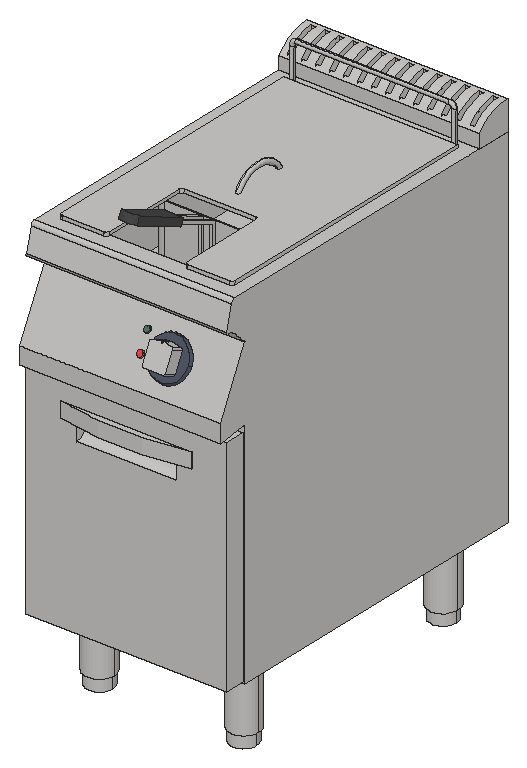
Revit family "QF_ZANUSSI_372077_Z7FRED1BF0", category Specialty Equipment, Revit 2018
Family settings
  Round Connector Dimension = Use Diameter
  Part Type = Normal
  Work Plane-Based = No
  Always vertical = Yes
  Cut with Voids When Loaded = No
  Shared = No
  Room Calculation Point = No
Parameters
  Width = 400 mm  # constant formula
  Weight in Pounds = 88  # constant formula
  Weight = 0.00 kg
  Watts = 5400 W  # constant formula
  Volts = 400 V  # constant formula
  URL Manufacturer = "http://www.zanussiprofessional.com"
  URL Cutsheet = "www.electrolux.com/foodservice"
  URL = "http://www.zanussiprofessional.com"
  Type Mark [instance] = ""
  Steam Supply Size = 0"
  Steam Supply Minimum Pressure = 0.00 psi
  Steam Supply Maximum Pressure = 0.00 psi
  Steam Pounds per Hour = 0
  Status [instance] = ""
  Specification by User [instance] = ""
  Specification by Manufacturer = ""
  Show Logo [instance] = yes
  Show Clearance [instance] = yes
  Serial Number = ""
  Seismic Rating = ""
  SMACNA No = ""
  Revision Code [instance] = ""
  Refrigeration Suction Line Size = 0"
  Refrigeration Liquid Line Size = 0"
  Refrigerant Compressor Remote = yes
  Phase = 3
  Omniclass Number and Title = ""
  Number of Poles [instance] = 1
  NAFEM Spec ID Number = ""
  Model = "Z7FRED1BF0"
  Min Ckt Ampacity = 0 A
  Max Overcurrent Protection = 0 A
  Masterspec = ""
  Manufacturer = "Zanussi"
  Length Actual = 400 mm  # constant formula
  Item Number [instance] = "372077"
  Installed By [instance] = ""
  Identify Quantity as Lot [instance] = yes
  Hot Water Size = 0"
  Height Actual = 850 mm  # constant formula
  Height = 333 mm  # constant formula
  HP = "7.2 HP"
  Gas Size = 0"
  Gas KW = 0
  Gas Input = 0.0 Btu/h
  Furnished By [instance] = ""
  Foodservice Equipment Identifier [instance] = yes
  FL Amps = if(Phase = 3, Watts / (Volts * 1.73), Watts / Volts)  # 7.80347 A
  Electrical Remarks [instance] = "400 V/3N ph/50/60 Hz"  # constant formula
  Electric Connection Type [instance] = ""
  Elec Conn RI Height [instance] = 0 mm
  Elec Conn Connection Height [instance] = 0 mm
  Direct Waste Size = 0"
  Description = "7 LITRE ELECTRIC FRYER 400 MM"
  Depth Actual = 700 mm  # constant formula
  Depth = 715 mm  # constant formula
  Cycle = if([60 Hertz Option], 60 Hz, 50 Hz)  # 60 Hz
  Conn Plug = ""
  Conn Conduit = yes
  Condensate Return Size = 0"
  Compressed Air Volume = 0 GPM
  Compressed Air Size = 0"
  Compressed Air Pressure = 0.00 psi
  Cold Water Size = 0"
  CSI MasterFormat = ""
  CSI Master Format = ""
  Base Height [instance] = 150 mm  # constant formula
  Apparent Power = if(Phase = 3, Volts * FL Amps * 1.73, Volts * FL Amps)  # 5400 VA
  Accessory = yes
  60 Hertz Option = not([50 Hertz Option])  # yes
  50 Hertz Option = no
Reference planes
  plane 1 "BACK": y = 0
  plane 2: z = 0
  plane 3 "LEFT": x = 0
  plane 4 "RIGHT": x = 400
  plane 5 "FRONT": y = -715
  plane 6 "TOP": z = 908
  plane 7 "Center Y": x = 200
  plane 8 "Center X": y = -357.5
  plane 9 "BASE": z = 600
  plane 10 "TOP A": z = 850
  plane 11: y = -587.387
  plane 12: y = -90
  plane 13: z = 150
Forms (mm)
  Extrusion 1, solid, material "QF_Finishes_Stainless Steel"
    sketch origin (0, 0, 0) x (0, 1, 0) y (0, 0, 1)
      loop
        line (0, 850) -> (-679.358, 850)
        arc (-679.358, 850) -> (-684.643, 847.811) -> (-686.833, 842.526) r 7.474
        line (-686.833, 842.526) -> (-699.884, 797.011)
        arc (-699.884, 797.011) -> (-699.396, 794.379) -> (-697, 793.184) r 3
        line (-697, 793.184) -> (-686.802, 793.184) -> (-654.982, 761.364) -> (-715, 640.508) -> (-715, 605.508) -> (-658.645, 613.428)
        arc (-658.645, 613.428) -> (-656.101, 612.674) -> (-655, 610.259) r 3.2
        line (-655, 610.259) -> (-655, 150) -> (0, 150) -> (0, 850)
      loop
        line (-700, 600) -> (-700, 155) -> (-660, 155) -> (-660, 600) -> (-700, 600)
    from 0 to 400
  Extrusion 2, solid, material "QF_Finishes_Stainless Steel"
    sketch origin (0, 0, 0) x (0, 1, 0) y (0, 0, 1)
      loop
        line (0, 850) -> (0, 908)
        arc (0, 908) -> (-38.715, 899.821) -> (-69.85, 875.4) r 87.358
        line (-69.85, 875.4) -> (-69.85, 850) -> (0, 850)
    from 0 to 400
  Extrusion 3, void
    sketch origin (0, 0, 850) x (-1, 0, 0) y (0, -1, 0)
      loop
        line (-33.338, 90.124) -> (-33.338, 645.265) -> (-366.662, 645.265) -> (-366.662, 90.124) -> (-33.338, 90.124)
    from 0 to -152.4
  Extrusion 4, solid, material "QF_Finishes_Stainless Steel"
    sketch origin (0, 0, 850) x (-1, 0, 0) y (0, -1, 0)
      loop
        arc (-26.988, 645.265) -> (-28.847, 649.755) -> (-33.338, 651.615) r 6.35
        line (-33.338, 651.615) -> (-115.863, 651.615)
        arc (-115.863, 651.615) -> (-120.353, 649.755) -> (-122.213, 645.265) r 6.35
        line (-122.213, 645.265) -> (-122.213, 473.512)
        arc (-122.213, 473.512) -> (-124.072, 469.021) -> (-128.563, 467.162) r 6.35
        line (-128.563, 467.162) -> (-271.437, 467.162)
        arc (-271.437, 467.162) -> (-275.928, 469.021) -> (-277.787, 473.512) r 6.35
        line (-277.787, 473.512) -> (-277.787, 645.29)
        arc (-277.787, 645.29) -> (-279.64, 649.762) -> (-284.113, 651.615) r 6.325
        line (-284.113, 651.615) -> (-366.663, 651.615)
        arc (-366.663, 651.615) -> (-371.153, 649.755) -> (-373.013, 645.265) r 6.35
        line (-373.013, 645.265) -> (-373.013, 90.124) -> (-26.988, 90.124) -> (-26.988, 645.265)
    from 0 to 6.35
  Sweep 5, solid, material "QF_Finishes_Stainless Steel"
    path origin (200, 0, 0) x (0, 1, 0) y (0, 0, 1)
      loop
        arc (-315.761, 850) -> (-370.2, 883.779) -> (-424.639, 850) r 60.757
    profile origin (200, -370.2, 883.779) x (0, 0, -1) y (1, 0, 0)
      loop
        circle (0, 0) r 4.353
  Sweep 6, solid, material "QF_Finishes_Stainless Steel"
    path origin (0, 0, 0) x (1, 0, 0) y (0, 0, 1)
      loop
        line (39.688, 846.263) -> (39.688, 914.35)
        arc (39.688, 914.35) -> (41.547, 918.84) -> (46.038, 920.7) r 6.35
        line (46.038, 920.7) -> (352.225, 920.7)
        arc (352.225, 920.7) -> (356.715, 918.84) -> (358.575, 914.35) r 6.35
        line (358.575, 914.35) -> (358.575, 846.263)
    profile origin (39.688, 0, 880.306) x (-1, 0, 0) y (0, -1, 0)
      loop
        circle (2.09, 83.254) r 3.827
  Extrusion 7, void
    sketch origin (0, 0, 850) x (-1, 0, 0) y (0, -1, 0)
      loop
        line (-13.453, 6.761) -> (-13.453, 63.911) -> (-22.749, 63.911) -> (-22.749, 6.761) -> (-13.453, 6.761)
    from 25.4 to 63.5
  Extrusion 8, void
    sketch origin (400.05, 0, 850) x (1, 0, 0) y (0, 1, 0)
      loop
        line (-13.503, -6.761) -> (-22.799, -6.761) -> (-22.799, -63.911) -> (-13.503, -63.911) -> (-13.503, -6.761)
    from 25.4 to 63.5
  Extrusion 9, void
    sketch origin (27.988, 0, 850) x (-1, 0, 0) y (0, -1, 0)
      loop
        line (-13.453, 6.761) -> (-13.453, 63.911) -> (-22.749, 63.911) -> (-22.749, 6.761) -> (-13.453, 6.761)
    from 25.4 to 63.5
  Extrusion 10, void
    sketch origin (55.977, 0, 850) x (-1, 0, 0) y (0, -1, 0)
      loop
        line (-13.453, 6.761) -> (-13.453, 63.911) -> (-22.749, 63.911) -> (-22.749, 6.761) -> (-13.453, 6.761)
    from 25.4 to 63.5
  Extrusion 11, void
    sketch origin (83.965, 0, 850) x (-1, 0, 0) y (0, -1, 0)
      loop
        line (-13.428, 6.761) -> (-13.428, 63.911) -> (-22.724, 63.911) -> (-22.724, 6.761) -> (-13.428, 6.761)
    from 25.4 to 63.5
  Extrusion 12, void
    sketch origin (111.953, 0, 850) x (-1, 0, 0) y (0, -1, 0)
      loop
        line (-13.428, 6.761) -> (-13.428, 63.911) -> (-22.724, 63.911) -> (-22.724, 6.761) -> (-13.428, 6.761)
    from 25.4 to 63.5
  Extrusion 13, void
    sketch origin (139.942, 0, 850) x (-1, 0, 0) y (0, -1, 0)
      loop
        line (-13.428, 6.761) -> (-13.428, 63.911) -> (-22.724, 63.911) -> (-22.724, 6.761) -> (-13.428, 6.761)
    from 25.4 to 63.5
  Extrusion 14, void
    sketch origin (167.93, 0, 850) x (-1, 0, 0) y (0, -1, 0)
      loop
        line (-13.428, 6.761) -> (-13.428, 63.911) -> (-22.724, 63.911) -> (-22.724, 6.761) -> (-13.428, 6.761)
    from 25.4 to 63.5
  Extrusion 15, void
    sketch origin (195.918, 0, 850) x (-1, 0, 0) y (0, -1, 0)
      loop
        line (-13.428, 6.761) -> (-13.428, 63.911) -> (-22.724, 63.911) -> (-22.724, 6.761) -> (-13.428, 6.761)
    from 25.4 to 63.5
  Extrusion 16, void
    sketch origin (223.907, 0, 850) x (-1, 0, 0) y (0, -1, 0)
      loop
        line (-13.428, 6.761) -> (-13.428, 63.911) -> (-22.724, 63.911) -> (-22.724, 6.761) -> (-13.428, 6.761)
    from 25.4 to 63.5
  Extrusion 17, void
    sketch origin (251.895, 0, 850) x (-1, 0, 0) y (0, -1, 0)
      loop
        line (-13.428, 6.761) -> (-13.428, 63.911) -> (-22.724, 63.911) -> (-22.724, 6.761) -> (-13.428, 6.761)
    from 25.4 to 63.5
  Extrusion 18, void
    sketch origin (279.884, 0, 850) x (-1, 0, 0) y (0, -1, 0)
      loop
        line (-13.403, 6.761) -> (-13.403, 63.911) -> (-22.699, 63.911) -> (-22.699, 6.761) -> (-13.403, 6.761)
    from 25.4 to 63.5
  Extrusion 19, void
    sketch origin (307.872, 0, 850) x (-1, 0, 0) y (0, -1, 0)
      loop
        line (-13.403, 6.761) -> (-13.403, 63.911) -> (-22.699, 63.911) -> (-22.699, 6.761) -> (-13.403, 6.761)
    from 25.4 to 63.5
  Extrusion 20, void
    sketch origin (335.86, 0, 850) x (-1, 0, 0) y (0, -1, 0)
      loop
        line (-13.403, 6.761) -> (-13.403, 63.911) -> (-22.699, 63.911) -> (-22.699, 6.761) -> (-13.403, 6.761)
    from 25.4 to 63.5
  Extrusion 21, solid, material "QF_Finishes_Clearance", visible <- "Show Clearance", detail levels coarse
    sketch origin (0, 0, 0) x (1, 0, 0) y (0, 1, 0)
      loop
        line (0, -715) -> (0, 0) -> (400, 0) -> (400, -715) -> (550.019, -715) -> (550.019, 150.019) -> (-150.019, 150.019) -> (-150.019, -715) -> (0, -715)
    from 0 to 908
  Extrusion 22, solid, material "QF_Finishes_Black"
    sketch origin (265.962, -698.333, 942.26) x (0, 0.906308, -0.422618) y (-1, 0, 0)
      loop
        line (10.103, 47.345) -> (128.716, 47.345) -> (128.716, 84.58) -> (10.103, 84.58)
        arc (10.103, 84.58) -> (-0.124, 65.962) -> (10.103, 47.345) r 22.059
    from -15.884 to 0
  Extrusion 23, solid, material "QF_Finishes_Stainless Steel"
    sketch origin (265.962, 41.275, 0) x (0, 1, 0) y (0, 0, 1)
      loop
        line (-537.413, 741) -> (-537.413, 842.478) -> (-624.966, 883.305) -> (-627.65, 877.55) -> (-543.763, 838.433) -> (-543.763, 741) -> (-537.413, 741)
    from -80.476 to -74.619
  Extrusion 24, solid, material "QF_Finishes_Stainless Steel"
    sketch origin (134.088, 41.275, 0) x (0, 1, 0) y (0, 0, -1)
      loop
        line (-543.763, -838.433) -> (-627.65, -877.55) -> (-624.966, -883.305) -> (-537.413, -842.478) -> (-537.413, -741) -> (-543.763, -741) -> (-543.763, -838.433)
    from -80.476 to -74.619
  Extrusion 25, solid, material "QF_Finishes_Mesh"
    sketch origin (0, 0, 850) x (-1, 0, 0) y (0, -1, 0)
      loop
        arc (-116.6, 131.498) -> (-98.64, 138.937) -> (-91.2, 156.898) r 25.4
        line (-91.2, 156.898) -> (-91.2, 473.61)
        arc (-91.2, 473.61) -> (-98.64, 491.571) -> (-116.6, 499.01) r 25.4
        line (-116.6, 499.01) -> (-294.375, 499.01)
        arc (-294.375, 499.01) -> (-312.336, 491.571) -> (-319.775, 473.61) r 25.4
        line (-319.775, 473.61) -> (-319.775, 156.898)
        arc (-319.775, 156.898) -> (-312.336, 138.937) -> (-294.375, 131.498) r 25.4
        line (-294.375, 131.498) -> (-116.6, 131.498)
      loop
        arc (-116.6, 134.673) -> (-100.885, 141.182) -> (-94.375, 156.898) r 22.225
        line (-94.375, 156.898) -> (-94.375, 473.61)
        arc (-94.375, 473.61) -> (-100.885, 489.326) -> (-116.6, 495.835) r 22.225
        line (-116.6, 495.835) -> (-294.375, 495.835)
        arc (-294.375, 495.835) -> (-310.091, 489.326) -> (-316.6, 473.61) r 22.225
        line (-316.6, 473.61) -> (-316.6, 156.898)
        arc (-316.6, 156.898) -> (-310.091, 141.182) -> (-294.375, 134.673) r 22.225
        line (-294.375, 134.673) -> (-116.6, 134.673)
    from -109 to -5.315
  Revolve 26, solid, material "QF_Finishes_Stainless Steel"
    sketch origin (0, -587.387, 608.09) x (0, 0, 1) y (-1, 0, 0)
      loop
        line (-608.09, -56) -> (-458.09, -56) -> (-458.09, -26) -> (-583.09, -26) -> (-583.09, -29.75) -> (-608.09, -29.75) -> (-608.09, -56)
      axis (-608.09, -56) -> (-458.09, -56)
    angle from 0 to 360
  Revolve 27, solid, material "QF_Finishes_Stainless Steel"
    sketch origin (400.05, -587.387, 608.09) x (0, 0, 1) y (-1, 0, 0)
      loop
        line (-608.09, 56.05) -> (-608.09, 29.8) -> (-583.09, 29.8) -> (-583.09, 26.05) -> (-458.09, 26.05) -> (-458.09, 56.05) -> (-608.09, 56.05)
      axis (-608.09, 56.05) -> (-458.09, 56.05)
    angle from 0 to 360
  Revolve 28, solid, material "QF_Finishes_Stainless Steel"
    sketch origin (0, -90, 608.09) x (0, 0, 1) y (-1, 0, 0)
      loop
        line (-608.09, -56) -> (-458.09, -56) -> (-458.09, -26) -> (-583.09, -26) -> (-583.09, -29.75) -> (-608.09, -29.75) -> (-608.09, -56)
      axis (-608.09, -56) -> (-458.09, -56)
    angle from 0 to 360
  Revolve 29, solid, material "QF_Finishes_Stainless Steel"
    sketch origin (400.05, -90, 608.09) x (0, 0, 1) y (-1, 0, 0)
      loop
        line (-608.09, 56.05) -> (-608.09, 29.8) -> (-583.09, 29.8) -> (-583.09, 26.05) -> (-458.09, 26.05) -> (-458.09, 56.05) -> (-608.09, 56.05)
      axis (-608.09, 56.05) -> (-458.09, 56.05)
    angle from 0 to 360
  Extrusion 30, solid, material "QF_Finishes_Stainless Steel"
    sketch origin (-77.88, -4572, 600) x (-1, 0, 0) y (0, -1, 0)
      loop
        circle (-425.88, -4067) r 12.7
    from 0 to -12.7
  Blend 31, solid, material "QF_Finishes_Navy Blue"
    base sketch origin (275, -684.991, 700.936) x (1, 0, 0) y (0, 0.444781, 0.895639)
      loop
        circle (0, 0) r 42.5
    top sketch origin (275, -684.991, 700.936) x (1, 0, 0) y (0, 0.444781, 0.895639)
      loop
        circle (0, 0) r 40.5
    from 0 to 5
  Extrusion 32, solid, material "QF_Finishes_Stainless Steel"
    sketch origin (275, -684.991, 700.936) x (1, 0, 0) y (0, 0.444781, 0.895639)
      loop
        arc (-21.147, 22.789) -> (-22.494, 21.685) -> (-23, 20.019) r 2.997
        line (-23, 20.019) -> (-23, -20.019)
        arc (-23, -20.019) -> (-22.122, -22.138) -> (-20.003, -23.016) r 2.997
        line (-20.003, -23.016) -> (20.003, -23.016)
        arc (20.003, -23.016) -> (22.122, -22.138) -> (23, -20.019) r 2.997
        line (23, -20.019) -> (23, 20.019)
        arc (23, 20.019) -> (22.494, 21.685) -> (21.147, 22.789) r 2.997
        arc (21.147, 22.789) -> (0, 26.984) -> (-21.147, 22.789) r 55.4
    from 10 to 34
  Extrusion 33, solid, material "QF_Plastic-Black-Matte"
    sketch origin (355, -684.991, 700.936) x (0, 0.444781, 0.895639) y (0, -0.895639, 0.444781)
      loop
        line (26.984, 34) -> (26.984, 19) -> (27.984, 19) -> (27.984, 34)
        arc (27.984, 34) -> (27.691, 34.707) -> (26.984, 35) r 1
        line (26.984, 35) -> (23.984, 35) -> (23.984, 34) -> (26.984, 34)
    from -81 to -79
  Extrusion 34, solid, material "QF_Finishes_Red"
    sketch origin (275, -689.439, 691.98) x (1, 0, 0) y (0, 0.444781, 0.895639)
      loop
        circle (-55.001, 0) r 6
    from 0 to 1.6
  Extrusion 35, solid, material "QF_Finishes_Stainless Steel"
    sketch origin (275, -684.991, 700.936) x (1, 0, 0) y (0, 0.444781, 0.895639)
      loop
        line (17.5, 17.5) -> (-17.5, 17.5) -> (-17.5, -17.5) -> (17.5, -17.5) -> (17.5, 17.5)
    from 5 to 10
  Extrusion 36, solid, material "QF_Finishes_DarkGreen"
    sketch origin (275, -671.648, 727.805) x (1, 0, 0) y (0, 0.444781, 0.895639)
      loop
        circle (-55.001, 0) r 6
    from 0 to 1.6
  Extrusion 37, solid, material "QF_Finishes_Door Clearance", visible <- "Show Clearance", detail levels coarse
    sketch origin (0, 0, 850) x (-1, 0, 0) y (0, -1, 0)
      loop
        arc (0, 672.137) -> (-117.157, 954.98) -> (-400, 1072.137) r 400
        line (-400, 1072.137) -> (-400, 672.137) -> (0, 672.137)
    from -695 to -250
  Extrusion 38, solid, material "QF_Finishes_Stainless Steel"
    sketch origin (-77.88, -4572, 130) x (-1, 0, 0) y (0, -1, 0)
      loop
        arc (-147.606, -3871.085) -> (-277.88, -3857) -> (-408.153, -3871.085) r 609.497
        line (-408.153, -3871.085) -> (-408.153, -3872) -> (-147.606, -3872) -> (-147.606, -3871.085)
    from 400 to 430
  Extrusion 39, void
    sketch origin (200, -27.863, -20) x (0, 1, 0) y (0, 0, 1)
      loop
        line (-672.137, 567) -> (-672.137, 517)
        arc (-672.137, 517) -> (-656.47, 524.721) -> (-650.137, 541) r 24.091
        line (-650.137, 541) -> (-650.137, 567) -> (-672.137, 567)
    from -100 to 100
Cuts and joins
  Extrusion 3, Extrusion 7, Extrusion 39 cuts Extrusion 1
  joined: Extrusion 4, Sweep 5
  Extrusion 7, Extrusion 8, Extrusion 9, Extrusion 10, Extrusion 11, Extrusion 12, Extrusion 13, Extrusion 14, Extrusion 15, Extrusion 16, Extrusion 17, Extrusion 18, Extrusion 19, Extrusion 20 cuts Extrusion 2
Lines and regions (mm)
  Split face 1
    outline origin (276.664, -684.796, 712.57) x (1, 0, 0) y (0, 0.444781, 0.895639)
      loop
        circle (-34, 0) r 1.5
  Split face 2
    outline origin (273.297, -687.581, 706.962) x (1, 0, 0) y (0, 0.444781, 0.895639)
      loop
        circle (-30.633, -14.752) r 1.5
  Split face 3
    outline origin (276.214, -689.88, 702.332) x (1, 0, 0) y (0, 0.444781, 0.895639)
      loop
        circle (-21.199, -26.582) r 1.5
  Split face 4
    outline origin (282.566, -689.848, 702.397) x (1, 0, 0) y (0, 0.444781, 0.895639)
      loop
        circle (-7.566, -33.148) r 1.5
  Split face 5
    outline origin (287.419, -686.96, 708.212) x (1, 0, 0) y (0, 0.444781, 0.895639)
      loop
        circle (7.566, -33.148) r 1.5
  Split face 6
    outline origin (286.137, -682.319, 717.558) x (1, 0, 0) y (0, 0.444781, 0.895639)
      loop
        circle (21.199, -26.582) r 1.5
  Split face 7
    outline origin (276.5, -678.264, 725.724) x (1, 0, 0) y (0, 0.444781, 0.895639)
      loop
        circle (30.633, -14.752) r 1.5
  Split face 8
    outline origin (260.985, -677.235, 727.796) x (1, 0, 0) y (0, 0.444781, 0.895639)
      loop
        circle (34, 0) r 1.5
  Split face 9
    outline origin (275, -689.469, 703.16) x (1, 0, 0) y (0, 0.444781, 0.895639)
      loop
        circle (0, 33.561) r 1.5
  symbolic lines, style "QF-Clearances", visible <- "Show Clearance", detail levels coarse
    curve 1: line (-150.019, 150.019, 850) -> (-150.019, -716.377, 850)
    curve 2: line (550.019, 150.019, 850) -> (-150.019, 150.019, 850)
    curve 3: line (550.019, -716.377, 850) -> (550.019, 150.019, 850)
  symbolic lines
    curve 4: line (0, 0, 850) -> (400, 0, 850)
    curve 5: line (0, -715, 850) -> (0, 0, 850)
    curve 6: line (400, 0, 850) -> (400, -715, 850)
    curve 7: line (22.724, -6.761, 850) -> (22.724, -63.911, 850)
    curve 8: line (22.724, -63.911, 850) -> (13.428, -63.911, 850)
    curve 9: line (13.428, -63.911, 850) -> (13.428, -6.761, 850)
    curve 10: line (13.428, -6.761, 850) -> (22.724, -6.761, 850)
    curve 11: line (386.547, -6.761, 850) -> (386.547, -63.911, 850)
    curve 12: line (386.547, -63.911, 850) -> (377.251, -63.911, 850)
    curve 13: line (377.251, -63.911, 850) -> (377.251, -6.761, 850)
    curve 14: line (377.251, -6.761, 850) -> (386.547, -6.761, 850)
    curve 15: line (50.712, -6.761, 850) -> (50.712, -63.911, 850)
    curve 16: line (50.712, -63.911, 850) -> (41.416, -63.911, 850)
    curve 17: line (41.416, -63.911, 850) -> (41.416, -6.761, 850)
    curve 18: line (41.416, -6.761, 850) -> (50.712, -6.761, 850)
    curve 19: line (78.7, -6.761, 850) -> (78.7, -63.911, 850)
    curve 20: line (78.7, -63.911, 850) -> (69.405, -63.911, 850)
    curve 21: line (69.405, -63.911, 850) -> (69.405, -6.761, 850)
    curve 22: line (69.405, -6.761, 850) -> (78.7, -6.761, 850)
    curve 23: line (106.689, -6.761, 850) -> (106.689, -63.911, 850)
    curve 24: line (106.689, -63.911, 850) -> (97.393, -63.911, 850)
    curve 25: line (97.393, -63.911, 850) -> (97.393, -6.761, 850)
    curve 26: line (97.393, -6.761, 850) -> (106.689, -6.761, 850)
    curve 27: line (134.677, -6.761, 850) -> (134.677, -63.911, 850)
    curve 28: line (134.677, -63.911, 850) -> (125.381, -63.911, 850)
    curve 29: line (125.381, -63.911, 850) -> (125.381, -6.761, 850)
    curve 30: line (125.381, -6.761, 850) -> (134.677, -6.761, 850)
    curve 31: line (162.665, -6.761, 850) -> (162.665, -63.911, 850)
    curve 32: line (162.665, -63.911, 850) -> (153.37, -63.911, 850)
    curve 33: line (153.37, -63.911, 850) -> (153.37, -6.761, 850)
    curve 34: line (153.37, -6.761, 850) -> (162.665, -6.761, 850)
    curve 35: line (190.654, -6.761, 850) -> (190.654, -63.911, 850)
    curve 36: line (190.654, -63.911, 850) -> (181.358, -63.911, 850)
    curve 37: line (181.358, -63.911, 850) -> (181.358, -6.761, 850)
    curve 38: line (181.358, -6.761, 850) -> (190.654, -6.761, 850)
    curve 39: line (218.642, -6.761, 850) -> (218.642, -63.911, 850)
    curve 40: line (218.642, -63.911, 850) -> (209.346, -63.911, 850)
    curve 41: line (209.346, -63.911, 850) -> (209.346, -6.761, 850)
    curve 42: line (209.346, -6.761, 850) -> (218.642, -6.761, 850)
    curve 43: line (246.605, -6.761, 850) -> (246.605, -63.911, 850)
    curve 44: line (246.605, -63.911, 850) -> (237.31, -63.911, 850)
    curve 45: line (237.31, -63.911, 850) -> (237.31, -6.761, 850)
    curve 46: line (237.31, -6.761, 850) -> (246.605, -6.761, 850)
    curve 47: line (274.594, -6.761, 850) -> (274.594, -63.911, 850)
    curve 48: line (274.594, -63.911, 850) -> (265.298, -63.911, 850)
    curve 49: line (265.298, -63.911, 850) -> (265.298, -6.761, 850)
    curve 50: line (265.298, -6.761, 850) -> (274.594, -6.761, 850)
    curve 51: line (302.582, -6.761, 850) -> (302.582, -63.911, 850)
    curve 52: line (302.582, -63.911, 850) -> (293.286, -63.911, 850)
    curve 53: line (293.286, -63.911, 850) -> (293.286, -6.761, 850)
    curve 54: line (293.286, -6.761, 850) -> (302.582, -6.761, 850)
    curve 55: line (330.57, -6.761, 850) -> (330.57, -63.911, 850)
    curve 56: line (330.57, -63.911, 850) -> (321.275, -63.911, 850)
    curve 57: line (321.275, -63.911, 850) -> (321.275, -6.761, 850)
    curve 58: line (321.275, -6.761, 850) -> (330.57, -6.761, 850)
    curve 59: line (358.559, -6.761, 850) -> (358.559, -63.911, 850)
    curve 60: line (358.559, -63.911, 850) -> (349.263, -63.911, 850)
    curve 61: line (349.263, -63.911, 850) -> (349.263, -6.761, 850)
    curve 62: line (349.263, -6.761, 850) -> (358.559, -6.761, 850)
    curve 63: line (26.988, -90.124, 850) -> (26.988, -645.265, 850)
    curve 64: arc (26.988, -645.265, 850) -> (28.847, -649.755, 850) -> (33.338, -651.615, 850) r 6.35
    curve 65: line (33.338, -651.615, 850) -> (115.863, -651.615, 850)
    curve 66: arc (115.863, -651.615, 850) -> (120.353, -649.755, 850) -> (122.213, -645.265, 850) r 6.35
    curve 67: line (122.213, -645.265, 850) -> (122.213, -473.512, 850)
    curve 68: arc (122.213, -473.512, 850) -> (124.072, -469.021, 850) -> (128.563, -467.162, 850) r 6.35
    curve 69: line (128.563, -467.162, 850) -> (271.413, -467.162, 850)
    curve 70: arc (271.413, -467.162, 850) -> (275.903, -469.021, 850) -> (277.763, -473.512, 850) r 6.35
    curve 71: line (277.763, -473.512, 850) -> (277.763, -645.265, 850)
    curve 72: arc (277.763, -645.265, 850) -> (279.622, -649.755, 850) -> (284.113, -651.615, 850) r 6.35
    curve 73: line (284.113, -651.615, 850) -> (366.663, -651.615, 850)
    curve 74: arc (366.663, -651.615, 850) -> (371.153, -649.755, 850) -> (373.013, -645.265, 850) r 6.35
    curve 75: line (373.013, -645.265, 850) -> (373.013, -90.124, 850)
    curve 76: line (373.013, -90.124, 850) -> (26.988, -90.124, 850)
    curve 77: line (31.725, -69.85, 850) -> (0, -69.85, 850)
    curve 78: line (0, -69.85, 850) -> (0, -63.012, 850)
    curve 79: line (0, -69.85, 850) -> (400, -69.85, 850)
    curve 80: line (201.587, -90.124, 850) -> (366.663, -90.124, 850)
    curve 81: line (33.313, -90.124, 850) -> (198.412, -90.124, 850)
    curve 82: line (218.617, -695.889, 850) -> (218.617, -581.677, 850)
    curve 83: line (181.383, -581.677, 850) -> (181.383, -695.889, 850)
    curve 84: line (218.617, -581.677, 850) -> (181.383, -581.677, 850)
    curve 85: spline (218.617, -695.889, 850) -> (216.385, -698.551, 850) -> (213.694, -700.839, 850) -> (210.621, -702.688, 850) -> (207.25, -704.047, 850) -> (203.676, -704.878, 850) -> (200, -705.158, 850) -> (196.324, -704.878, 850) -> (192.75, -704.047, 850) -> (189.379, -702.688, 850) -> (186.306, -700.839, 850) -> (183.615, -698.551, 850) -> (181.383, -695.889, 850)
    curve 86: line (218.617, -645.265, 850) -> (277.763, -645.265, 850)
    curve 87: line (181.383, -645.265, 850) -> (122.213, -645.265, 850)
    curve 88: line (191.318, -499.01, 850) -> (191.318, -581.677, 850)
    curve 89: line (185.462, -581.677, 850) -> (185.462, -499.01, 850)
    curve 90: line (214.538, -499.01, 850) -> (214.538, -581.677, 850)
    curve 91: line (208.682, -581.677, 850) -> (208.682, -499.01, 850)
    curve 92: spline (181.383, -689.176, 850) -> (183.615, -691.839, 850) -> (186.306, -694.126, 850) -> (189.379, -695.976, 850) -> (192.75, -697.335, 850) -> (196.324, -698.166, 850) -> (200, -698.445, 850) -> (203.676, -698.166, 850) -> (207.25, -697.335, 850) -> (210.621, -695.976, 850) -> (213.694, -694.126, 850) -> (216.385, -691.839, 850) -> (218.617, -689.176, 850)
    curve 93: line (195.545, -420.932, 850) -> (195.545, -319.469, 850)
    curve 94: line (204.443, -319.469, 850) -> (204.443, -420.932, 850)
    curve 95: arc (195.545, -420.932, 850) -> (199.994, -425.382, 850) -> (204.443, -420.932, 850) r 4.449
    curve 96: arc (195.545, -319.469, 850) -> (199.994, -315.02, 850) -> (204.443, -319.469, 850) r 4.449
    curve 97: line (37.573, -79.289, 850) -> (362.402, -79.289, 850)
    curve 98: line (37.573, -86.944, 850) -> (37.573, -79.289, 850)
    curve 99: line (362.402, -86.944, 850) -> (37.573, -86.944, 850)
    curve 100: line (362.402, -79.289, 850) -> (362.402, -86.944, 850)
    curve 101: line (122.213, -499.01, 850) -> (277.763, -499.01, 850)
    curve 102: line (122.213, -495.835, 850) -> (277.763, -495.835, 850)
    curve 105: line (0, -700, 0) -> (185.291, -700, 0)
    curve 106: line (252, -700, 0) -> (252, -724.347, 0)
    curve 107: arc (252, -724.347, 0) -> (252.146, -724.811, 0) -> (252.532, -725.107, 0) r 0.809
    curve 108: arc (252.532, -725.107, 0) -> (253.72, -725.587, 0) -> (254.997, -725.68, 0) r 4.127
    curve 109: arc (252, -704.292, 0) -> (246.959, -702.458, 0) -> (242.191, -700, 0) r 42.24
    curve 110: arc (252, -706.539, 0) -> (252.502, -705.818, 0) -> (253.299, -705.448, 0) r 1.682
    curve 111: arc (253.299, -705.448, 0) -> (263.602, -703.95, 0) -> (274, -703.441, 0) r 109.079
    curve 112: line (274, -700, 0) -> (274, -705.671, 0)
    curve 113: line (274, -705.671, 0) -> (276, -705.671, 0)
    curve 114: line (276, -705.671, 0) -> (276, -700, 0)
    curve 115: line (298, -700, 0) -> (298, -724.347, 0)
    curve 116: arc (298, -724.347, 0) -> (297.854, -724.811, 0) -> (297.468, -725.107, 0) r 0.809
    curve 117: arc (297.468, -725.107, 0) -> (296.28, -725.587, 0) -> (295.003, -725.68, 0) r 4.127
    curve 118: arc (298, -704.292, 0) -> (303.041, -702.458, 0) -> (307.809, -700, 0) r 42.24
    curve 119: arc (298, -706.539, 0) -> (297.498, -705.818, 0) -> (296.701, -705.448, 0) r 1.682
    curve 120: arc (296.701, -705.448, 0) -> (286.398, -703.95, 0) -> (276, -703.441, 0) r 109.079
    curve 121: line (254.997, -725.68, 0) -> (295.003, -725.68, 0)
    curve 122: line (298, -715, 0) -> (400.05, -715, 0)
    curve 123: line (0, -715, 0) -> (252, -715, 0)
    curve 124: line (214.666, -700, 0) -> (400.05, -700, 0)
  symbolic lines, style "QF-Door Swings"
    curve 103: arc (2.303, -715, 850) -> (19.743, -796.254, 850) -> (53.597, -872.15, 850) r 400
    curve 104: line (53.597, -872.15, 850) -> (325.76, -715, 850)
Dimensions and locks
  equal spacing: plane 3 "LEFT", plane 7 "Center Y", plane 4 "RIGHT"
  "Width": plane 3 "LEFT" to plane 4 "RIGHT"
  equal spacing: plane 5 "FRONT", plane 8 "Center X", plane 1 "BACK"
  "Depth": plane 5 "FRONT" to plane 1 "BACK"
  plane 1 "BACK" to plane 5 "FRONT" = 715 mm
  plane 10 "TOP A" to plane 9 "BASE" = 250 mm
  plane 6 "TOP" to plane 10 "TOP A" = 58 mm
  "Base Height": plane 13 to level
  plane 10 "TOP A" to plane 13 = 700 mm
  aligned and locked: level to plane 2
  aligned and locked: plane 4 "RIGHT" to Extrusion 1
  aligned and locked: plane 4 "RIGHT" to Extrusion 2
  aligned and locked: plane 6 "TOP" to Extrusion 21
  aligned and locked: plane 10 "TOP A" to Extrusion 2 sketch curve
Automatic sketch dimensions
  Extrusion 2 sketch curve to plane 1 "BACK" = 0 mm
  Extrusion 2 sketch curve to plane 6 "TOP" = 0 mm
  plane 1 "BACK" to Extrusion 2 sketch curve = 1.769 mm
  plane 10 "TOP A" to Extrusion 2 sketch curve = 25.4 mm
  plane 1 "BACK" to Extrusion 2 sketch curve = 69.85 mm
  plane 12 to Extrusion 3 sketch curve = 0.124 mm
  Extrusion 3 sketch curve to plane 4 "RIGHT" = 33.337 mm
  plane 3 "LEFT" to Extrusion 3 sketch curve = 33.338 mm
  plane 11 to Extrusion 3 sketch curve = 57.877 mm
  plane 12 to Extrusion 4 sketch curve = 0.124 mm
  Extrusion 4 sketch curve to plane 4 "RIGHT" = 26.987 mm
  Extrusion 4 sketch curve to Extrusion 4 sketch curve = 6.35 mm  (x3)
  Extrusion 4 sketch curve to Extrusion 4 sketch curve = 82.55 mm
  plane 7 "Center Y" to Extrusion 4 sketch curve = 77.787 mm
  Extrusion 4 sketch curve to plane 7 "Center Y" = 71.437 mm
  Extrusion 4 sketch curve to plane 7 "Center Y" = 77.787 mm
  plane 3 "LEFT" to Extrusion 4 sketch curve = 33.338 mm
  plane 3 "LEFT" to Extrusion 4 sketch curve = 26.988 mm
  Extrusion 4 sketch curve to plane 8 "Center X" = 109.662 mm
  plane 11 to Extrusion 4 sketch curve = 57.877 mm  (x2)
  Sweep 5 sketch curve to plane 10 "TOP A" = 0 mm  (x2)
  Sweep 5 sketch curve to plane 8 "Center X" = 67.139 mm
  Sweep 5 sketch curve to plane 8 "Center X" = 12.7 mm
  Sweep 5 sketch curve to plane 10 "TOP A" = 26.978 mm
  Sweep 5 sketch curve to plane 7 "Center Y" = 0 mm
  Sweep 5 sketch curve to profile plane = 0 mm
  plane 6 "TOP" to Sweep 6 sketch curve = 6.35 mm  (x2)
  plane 3 "LEFT" to Sweep 6 sketch curve = 39.688 mm
  Sweep 6 sketch curve to Sweep 6 sketch curve = 6.35 mm
  Sweep 6 sketch curve to plane 4 "RIGHT" = 47.775 mm
  Sweep 6 sketch curve to plane 10 "TOP A" = 3.737 mm  (x2)
  Sweep 6 sketch curve to profile plane = 2.09 mm
  plane 1 "BACK" to Sweep 6 sketch curve = 83.254 mm
  plane 1 "BACK" to Extrusion 7 sketch curve = 6.761 mm
  plane 3 "LEFT" to Extrusion 7 sketch curve = 22.749 mm
  Extrusion 7 sketch curve to Extrusion 7 sketch curve = 9.296 mm
  Extrusion 7 sketch curve to Extrusion 7 sketch curve = 57.15 mm
  Extrusion 8 sketch curve to plane 1 "BACK" = 6.761 mm
  plane 4 "RIGHT" to Extrusion 8 sketch curve = 22.749 mm
  Extrusion 8 sketch curve to Extrusion 8 sketch curve = 9.296 mm
  Extrusion 8 sketch curve to Extrusion 8 sketch curve = 57.15 mm
  plane 1 "BACK" to Extrusion 9 sketch curve = 6.761 mm
  plane 3 "LEFT" to Extrusion 9 sketch curve = 50.737 mm
  Extrusion 9 sketch curve to Extrusion 9 sketch curve = 9.296 mm
  Extrusion 9 sketch curve to Extrusion 9 sketch curve = 57.15 mm
  plane 1 "BACK" to Extrusion 10 sketch curve = 6.761 mm
  plane 3 "LEFT" to Extrusion 10 sketch curve = 78.725 mm
  Extrusion 10 sketch curve to Extrusion 10 sketch curve = 9.296 mm
  Extrusion 10 sketch curve to Extrusion 10 sketch curve = 57.15 mm
  plane 1 "BACK" to Extrusion 11 sketch curve = 6.761 mm
  Extrusion 11 sketch curve to plane 7 "Center Y" = 93.311 mm
  Extrusion 11 sketch curve to Extrusion 11 sketch curve = 9.296 mm
  Extrusion 11 sketch curve to Extrusion 11 sketch curve = 57.15 mm
  plane 1 "BACK" to Extrusion 12 sketch curve = 6.761 mm
  Extrusion 12 sketch curve to plane 7 "Center Y" = 65.323 mm
  Extrusion 12 sketch curve to Extrusion 12 sketch curve = 9.296 mm
  Extrusion 12 sketch curve to Extrusion 12 sketch curve = 57.15 mm
  plane 1 "BACK" to Extrusion 13 sketch curve = 6.761 mm
  Extrusion 13 sketch curve to plane 7 "Center Y" = 37.335 mm
  Extrusion 13 sketch curve to Extrusion 13 sketch curve = 9.296 mm
  Extrusion 13 sketch curve to Extrusion 13 sketch curve = 57.15 mm
  Extrusion 14 sketch curve to plane 7 "Center Y" = 9.346 mm
  Extrusion 14 sketch curve to Extrusion 14 sketch curve = 9.296 mm
  plane 1 "BACK" to Extrusion 14 sketch curve = 6.761 mm
  Extrusion 14 sketch curve to Extrusion 14 sketch curve = 57.15 mm
  plane 1 "BACK" to Extrusion 15 sketch curve = 6.761 mm
  plane 7 "Center Y" to Extrusion 15 sketch curve = 18.642 mm
  Extrusion 15 sketch curve to Extrusion 15 sketch curve = 9.296 mm
  Extrusion 15 sketch curve to Extrusion 15 sketch curve = 57.15 mm
  plane 1 "BACK" to Extrusion 16 sketch curve = 6.761 mm
  plane 7 "Center Y" to Extrusion 16 sketch curve = 46.63 mm
  Extrusion 16 sketch curve to Extrusion 16 sketch curve = 9.296 mm
  Extrusion 16 sketch curve to Extrusion 16 sketch curve = 57.15 mm
  plane 1 "BACK" to Extrusion 17 sketch curve = 6.761 mm
  plane 7 "Center Y" to Extrusion 17 sketch curve = 74.619 mm
  Extrusion 17 sketch curve to Extrusion 17 sketch curve = 9.296 mm
  Extrusion 17 sketch curve to Extrusion 17 sketch curve = 57.15 mm
  plane 1 "BACK" to Extrusion 18 sketch curve = 6.761 mm
  Extrusion 18 sketch curve to plane 4 "RIGHT" = 97.418 mm
  Extrusion 18 sketch curve to Extrusion 18 sketch curve = 9.296 mm
  Extrusion 18 sketch curve to Extrusion 18 sketch curve = 57.15 mm
  plane 1 "BACK" to Extrusion 19 sketch curve = 6.761 mm
  Extrusion 19 sketch curve to plane 4 "RIGHT" = 69.43 mm
  Extrusion 19 sketch curve to Extrusion 19 sketch curve = 9.296 mm
  Extrusion 19 sketch curve to Extrusion 19 sketch curve = 57.15 mm
  plane 1 "BACK" to Extrusion 20 sketch curve = 6.761 mm
  Extrusion 20 sketch curve to plane 4 "RIGHT" = 41.441 mm
  Extrusion 20 sketch curve to Extrusion 20 sketch curve = 9.296 mm
  Extrusion 20 sketch curve to Extrusion 20 sketch curve = 57.15 mm
  plane 1 "BACK" to Extrusion 21 sketch curve = 0 mm
  Extrusion 21 sketch curve to plane 3 "LEFT" = 0 mm
  Extrusion 21 sketch curve to plane 4 "RIGHT" = 0 mm
  Extrusion 21 sketch curve to plane 3 "LEFT" = 150.019 mm
  plane 5 "FRONT" to Extrusion 21 sketch curve = 0 mm  (x2)
  plane 4 "RIGHT" to Extrusion 21 sketch curve = 150.019 mm
  Extrusion 21 sketch curve to plane 1 "BACK" = 150.019 mm
  Extrusion 22 sketch curve to plane 7 "Center Y" = 0 mm
  plane 7 "Center Y" to Extrusion 22 sketch curve = 18.617 mm
  Extrusion 22 sketch curve to plane 7 "Center Y" = 18.617 mm
  Extrusion 22 sketch curve to Extrusion 22 sketch curve = 11.832 mm
  Extrusion 22 sketch curve to Extrusion 22 sketch curve = 106.78 mm
  Extrusion 23 sketch curve to plane 11 = 1.013 mm
  Extrusion 23 sketch curve to plane 11 = 3.696 mm
  Extrusion 23 sketch curve to plane 10 "TOP A" = 11.567 mm
  Extrusion 23 sketch curve to plane 11 = 84.899 mm
  Extrusion 23 sketch curve to plane 10 "TOP A" = 7.522 mm
  Extrusion 23 sketch curve to Extrusion 23 sketch curve = 6.35 mm
  Extrusion 23 sketch curve to Extrusion 23 sketch curve = 97.432 mm
  Extrusion 24 sketch curve to plane 11 = 1.013 mm
  Extrusion 24 sketch curve to plane 11 = 3.696 mm
  Extrusion 24 sketch curve to plane 10 "TOP A" = 11.567 mm
  Extrusion 24 sketch curve to plane 11 = 84.899 mm
  Extrusion 24 sketch curve to Extrusion 24 sketch curve = 6.35 mm
  Extrusion 24 sketch curve to plane 10 "TOP A" = 7.522 mm
  Extrusion 24 sketch curve to Extrusion 24 sketch curve = 97.432 mm
  Extrusion 25 sketch curve to Extrusion 25 sketch curve = 0 mm  (x8)
  Extrusion 25 sketch curve to plane 4 "RIGHT" = 80.225 mm
  Extrusion 25 sketch curve to Extrusion 25 sketch curve = 3.175 mm
  Extrusion 25 sketch curve to Extrusion 25 sketch curve = 22.225 mm  (x3)
  plane 12 to Extrusion 25 sketch curve = 44.673 mm
  Extrusion 25 sketch curve to plane 7 "Center Y" = 83.4 mm  (x2)
  Extrusion 25 sketch curve to plane 8 "Center X" = 116.11 mm
  Revolve 26 sketch curve to level = 0 mm
  Revolve 26 sketch curve to plane 13 = 0 mm  (x2)
  level to Revolve 26 sketch curve = 25 mm
  Revolve 26 sketch curve to Revolve 26 sketch curve = 20 mm
  plane 3 "LEFT" to Revolve 26 sketch curve = 56 mm
  Revolve 26 sketch curve to Revolve 26 sketch curve = 0 mm
  plane 3 "LEFT" to Revolve 26 sketch curve = 29.75 mm
  plane 3 "LEFT" to Revolve 26 sketch curve = 26 mm
  Revolve 27 sketch curve to level = 0 mm
  Revolve 27 sketch curve to plane 13 = 0 mm  (x2)
  level to Revolve 27 sketch curve = 25 mm
  Revolve 27 sketch curve to Revolve 27 sketch curve = 20 mm
  Revolve 27 sketch curve to plane 4 "RIGHT" = 26 mm
  Revolve 27 sketch curve to Revolve 27 sketch curve = 3.75 mm
  Revolve 27 sketch curve to Revolve 27 sketch curve = 30 mm
  Revolve 27 sketch curve to Revolve 27 sketch curve = 0 mm
  Revolve 28 sketch curve to level = 0 mm
  Revolve 28 sketch curve to plane 13 = 0 mm  (x2)
  level to Revolve 28 sketch curve = 25 mm
  Revolve 28 sketch curve to Revolve 28 sketch curve = 20 mm
  plane 3 "LEFT" to Revolve 28 sketch curve = 56 mm
  Revolve 28 sketch curve to Revolve 28 sketch curve = 0 mm
  plane 3 "LEFT" to Revolve 28 sketch curve = 29.75 mm
  plane 3 "LEFT" to Revolve 28 sketch curve = 26 mm
  Revolve 29 sketch curve to level = 0 mm
  Revolve 29 sketch curve to plane 13 = 0 mm  (x2)
  level to Revolve 29 sketch curve = 25 mm
  Revolve 29 sketch curve to Revolve 29 sketch curve = 20 mm
  Revolve 29 sketch curve to plane 4 "RIGHT" = 26 mm
  Revolve 29 sketch curve to Revolve 29 sketch curve = 3.75 mm
  Revolve 29 sketch curve to Revolve 29 sketch curve = 30 mm
  Revolve 29 sketch curve to Revolve 29 sketch curve = 0 mm
  Extrusion 30 sketch curve to plane 4 "RIGHT" = 52 mm
  Extrusion 30 sketch curve to plane 11 = 82.388 mm
  plane 11 to Extrusion 1 sketch curve = 127.612 mm
  plane 11 to Extrusion 1 sketch curve = 112.613 mm
  Extrusion 1 sketch curve to plane 6 "TOP" = 110.989 mm
  plane 11 to Extrusion 1 sketch curve = 112.496 mm
  Extrusion 1 sketch curve to Extrusion 1 sketch curve = 2.884 mm
  Extrusion 1 sketch curve to Extrusion 1 sketch curve = 13.051 mm
  Extrusion 1 sketch curve to plane 6 "TOP" = 114.816 mm
  Extrusion 1 sketch curve to Extrusion 1 sketch curve = 10.198 mm
  Extrusion 1 sketch curve to Extrusion 1 sketch curve = 7.474 mm
  Extrusion 1 sketch curve to Extrusion 1 sketch curve = 40 mm
  Extrusion 1 sketch curve to Extrusion 1 sketch curve = 1.355 mm
  Extrusion 1 sketch curve to Extrusion 1 sketch curve = 0.445 mm
  Extrusion 1 sketch curve to Extrusion 1 sketch curve = 5 mm  (x2)
  Extrusion 1 sketch curve to plane 6 "TOP" = 146.636 mm
  Extrusion 1 sketch curve to Extrusion 1 sketch curve = 31.82 mm
  Extrusion 1 sketch curve to plane 1 "BACK" = 0 mm
  Extrusion 1 sketch curve to plane 10 "TOP A" = 209.492 mm
  Extrusion 1 sketch curve to Extrusion 1 sketch curve = 27.08 mm
  Extrusion 1 sketch curve to Extrusion 1 sketch curve = 35 mm
  Extrusion 1 sketch curve to Extrusion 1 sketch curve = 10.259 mm
  plane 13 to Extrusion 1 sketch curve = 5 mm
  Extrusion 1 sketch curve to Extrusion 1 sketch curve = 46.342 mm
  plane 3 "LEFT" to Blend 31 sketch curve = 275 mm  (x2)
  plane 3 "LEFT" to Extrusion 32 sketch curve = 252 mm
  Extrusion 32 sketch curve to Extrusion 32 sketch curve = 2.997 mm  (x3)
  Extrusion 32 sketch curve to Extrusion 32 sketch curve = 20.003 mm  (x2)
  Extrusion 32 sketch curve to Extrusion 32 sketch curve = 40.005 mm
  Extrusion 32 sketch curve to Extrusion 32 sketch curve = 5.399 mm
  Extrusion 32 sketch curve to Extrusion 32 sketch curve = 40.037 mm
  Extrusion 32 sketch curve to Extrusion 32 sketch curve = 0 mm  (x2)
  Extrusion 33 sketch curve to plane 5 "FRONT" = 9.329 mm
  Extrusion 33 sketch curve to plane 10 "TOP A" = 112.016 mm
  Extrusion 33 sketch curve to Extrusion 33 sketch curve = 3 mm
  Extrusion 33 sketch curve to Extrusion 33 sketch curve = 0 mm  (x2)
  Extrusion 33 sketch curve to Extrusion 33 sketch curve = 1 mm
  Extrusion 33 sketch curve to Extrusion 33 sketch curve = 15 mm
  plane 3 "LEFT" to Extrusion 34 sketch curve = 219.999 mm
  plane 3 "LEFT" to Extrusion 35 sketch curve = 257.5 mm
  Extrusion 35 sketch curve to Extrusion 35 sketch curve = 35 mm  (x2)
  plane 3 "LEFT" to Extrusion 36 sketch curve = 219.999 mm
  curve 79 to plane 4 "RIGHT" = 0 mm
  curve 103 to plane 4 "RIGHT" = 0 mm
  plane 5 "FRONT" to curve 104 = 0 mm
  curve 85 to plane 7 "Center Y" = 0 mm
  curve 92 to plane 7 "Center Y" = 0 mm
  plane 5 "FRONT" to curve 103 = 0 mm
  plane 1 "BACK" to curve 5 = 0 mm
  curve 5 to plane 3 "LEFT" = 0 mm
  curve 78 to plane 3 "LEFT" = 0 mm
  plane 5 "FRONT" to curve 5 = 0 mm
  plane 5 "FRONT" to curve 6 = 0 mm
  plane 4 "RIGHT" to curve 3 = 150.019 mm
  curve 11 to plane 4 "RIGHT" = 13.453 mm
  curve 11 to curve 12 = 9.296 mm
  plane 12 to curve 75 = 0.124 mm
  curve 12 to curve 75 = 4.239 mm
  curve 74 to curve 73 = 6.35 mm
  curve 75 to curve 97 = 10.61 mm
  plane 1 "BACK" to curve 62 = 6.761 mm
  curve 13 to curve 62 = 18.693 mm
  curve 59 to curve 62 = 9.296 mm
  curve 60 to curve 56 = 18.693 mm
  curve 55 to curve 56 = 9.296 mm
  plane 1 "BACK" to curve 51 = 6.761 mm
  curve 57 to curve 51 = 18.693 mm
  curve 51 to curve 52 = 9.296 mm
  curve 73 to curve 73 = 82.55 mm
  plane 7 "Center Y" to curve 71 = 77.763 mm
  curve 52 to curve 47 = 18.693 mm
  curve 70 to curve 70 = 6.35 mm
  curve 47 to curve 48 = 9.296 mm
  plane 1 "BACK" to curve 43 = 6.761 mm
  curve 49 to curve 43 = 18.693 mm
  curve 43 to curve 44 = 9.296 mm
  plane 1 "BACK" to curve 39 = 6.761 mm
  plane 7 "Center Y" to curve 39 = 18.642 mm
  plane 7 "Center Y" to curve 82 = 18.617 mm
  curve 39 to curve 42 = 9.296 mm
  plane 7 "Center Y" to curve 94 = 4.443 mm
  curve 96 to plane 7 "Center Y" = 0.006 mm
  curve 38 to plane 7 "Center Y" = 9.346 mm
  curve 83 to plane 11 = 5.711 mm
  curve 83 to plane 7 "Center Y" = 18.617 mm
  curve 35 to curve 37 = 9.296 mm
  plane 1 "BACK" to curve 34 = 6.761 mm
  curve 37 to curve 34 = 18.693 mm
  curve 31 to curve 32 = 9.296 mm
  plane 1 "BACK" to curve 27 = 6.761 mm
  curve 33 to curve 27 = 18.693 mm
  curve 68 to plane 7 "Center Y" = 71.437 mm
  curve 27 to curve 28 = 9.296 mm
  curve 87 to curve 67 = 59.17 mm
  curve 66 to curve 66 = 6.35 mm
  curve 28 to curve 24 = 18.693 mm
  curve 23 to curve 25 = 9.296 mm
  curve 24 to curve 19 = 18.693 mm
  curve 19 to curve 21 = 9.296 mm
  plane 3 "LEFT" to curve 104 = 53.597 mm
  curve 20 to curve 16 = 18.693 mm
  curve 15 to curve 18 = 9.296 mm
  curve 98 to plane 12 = 3.056 mm
  curve 16 to curve 98 = 3.843 mm
  plane 3 "LEFT" to curve 65 = 33.338 mm
  curve 98 to curve 76 = 10.585 mm
  curve 16 to curve 7 = 18.693 mm
  curve 7 to curve 9 = 9.296 mm
  curve 1 to plane 3 "LEFT" = 150.019 mm
  curve 2 to plane 1 "BACK" = 150.019 mm
  plane 1 "BACK" to curve 58 = 6.761 mm
  plane 1 "BACK" to curve 7 = 6.761 mm
  plane 1 "BACK" to curve 11 = 6.761 mm
  plane 1 "BACK" to curve 50 = 6.761 mm
  plane 1 "BACK" to curve 15 = 6.761 mm
  plane 1 "BACK" to curve 19 = 6.761 mm
  plane 1 "BACK" to curve 23 = 6.761 mm
  plane 1 "BACK" to curve 38 = 6.761 mm
  curve 32 to plane 12 = 26.089 mm
  curve 29 to plane 12 = 26.089 mm
  curve 35 to plane 12 = 26.089 mm
  curve 25 to plane 12 = 26.089 mm
  curve 39 to plane 12 = 26.089 mm
  curve 21 to plane 12 = 26.089 mm
  curve 43 to plane 12 = 26.089 mm
  curve 17 to curve 98 = 23.033 mm
  curve 47 to plane 12 = 26.089 mm
  curve 13 to plane 12 = 26.089 mm
  curve 51 to plane 12 = 26.089 mm
  curve 9 to plane 12 = 26.089 mm
  curve 55 to plane 12 = 26.089 mm
  curve 59 to curve 12 = 0 mm
  curve 8 to curve 77 = 5.939 mm
  curve 98 to curve 98 = 7.655 mm
  plane 8 "Center X" to curve 93 = 38.031 mm
  curve 93 to plane 8 "Center X" = 63.432 mm
  curve 93 to curve 69 = 46.229 mm
  plane 11 to curve 86 = 57.877 mm
  plane 11 to curve 87 = 57.877 mm
  curve 74 to curve 103 = 26.873 mm
  curve 82 to plane 5 "FRONT" = 19.111 mm
  plane 5 "FRONT" to curve 104 = 157.15 mm
  plane 12 to curve 80 = 0.124 mm
  curve 80 to curve 99 = 4.26 mm
  curve 104 to plane 4 "RIGHT" = 74.24 mm
  curve 85 to curve 92 = 3.442 mm
  curve 92 to curve 85 = 0 mm
  curve 82 to curve 90 = 4.079 mm
  curve 90 to curve 91 = 5.857 mm
  plane 7 "Center Y" to curve 80 = 1.587 mm
  plane 12 to curve 81 = 0.124 mm
  curve 81 to plane 7 "Center Y" = 1.588 mm
  curve 88 to plane 7 "Center Y" = 8.682 mm
  curve 88 to curve 89 = 5.857 mm
  curve 98 to curve 81 = 4.26 mm
  curve 77 to curve 7 = 9.001 mm
  curve 78 to curve 77 = 6.837 mm
  curve 79 to curve 77 = 0 mm
  curve 67 to curve 102 = 22.324 mm
  curve 102 to curve 101 = 3.175 mm
  curve 92 to curve 82 = 17.436 mm
  curve 92 to curve 85 = 6.713 mm
  curve 92 to curve 83 = 6.713 mm
  plane 5 "FRONT" to curve 3 = 1.377 mm
  plane 5 "FRONT" to curve 1 = 1.377 mm
  curve 105 to plane 3 "LEFT" = 0 mm
  curve 123 to plane 3 "LEFT" = 0 mm
  plane 5 "FRONT" to curve 123 = 0 mm
  plane 5 "FRONT" to curve 122 = 0 mm
  plane 5 "FRONT" to curve 106 = 9.347 mm
  plane 7 "Center Y" to curve 106 = 52 mm
  curve 107 to curve 107 = 0.809 mm
  curve 110 to curve 110 = 1.583 mm
  curve 107 to curve 108 = 1.846 mm
  curve 107 to curve 121 = 2.189 mm
  curve 106 to curve 109 = 11.892 mm
  curve 112 to plane 5 "FRONT" = 9.329 mm
  curve 110 to curve 112 = 20.417 mm
  plane 7 "Center Y" to curve 111 = 74.131 mm
  curve 111 to curve 120 = 1.738 mm
  curve 112 to curve 113 = 2 mm
  curve 109 to curve 118 = 22.215 mm
  curve 113 to curve 121 = 19.003 mm
  curve 121 to curve 117 = 0.343 mm
  curve 117 to curve 119 = 1.071 mm
  curve 117 to curve 116 = 2.189 mm
  curve 116 to curve 115 = 0.809 mm
  curve 121 to curve 107 = 1.333 mm
  curve 120 to curve 121 = 86.839 mm
  curve 111 to curve 120 = 0 mm
  curve 117 to curve 116 = 1.333 mm
  curve 116 to curve 117 = 2.779 mm
  curve 107 to curve 108 = 2.779 mm
  curve 110 to plane 5 "FRONT" = 7.894 mm
  curve 119 to plane 5 "FRONT" = 7.894 mm
  curve 112 to curve 109 = 41.91 mm
  curve 109 to curve 118 = 0 mm
  curve 105 to plane 7 "Center Y" = 14.709 mm
  plane 7 "Center Y" to curve 124 = 14.666 mm
  curve 109 to curve 106 = 9.809 mm
  curve 110 to curve 110 = 0.284 mm
  curve 119 to curve 120 = 0.284 mm
  curve 115 to curve 118 = 9.809 mm
  plane 4 "RIGHT" to curve 124 = 0.05 mm
  plane 4 "RIGHT" to curve 122 = 0.05 mm
  curve 110 to curve 110 = 0.567 mm
  curve 119 to curve 119 = 0.567 mm
  curve 120 to curve 118 = 1.156 mm
  curve 105 to plane 5 "FRONT" = 15 mm
  Extrusion 37 sketch curve to plane 4 "RIGHT" = 0 mm
  Extrusion 37 sketch curve to plane 3 "LEFT" = 0 mm
  Extrusion 37 sketch curve to plane 5 "FRONT" = 42.863 mm
  Extrusion 38 sketch curve to plane 7 "Center Y" = 0 mm
  Extrusion 38 sketch curve to plane 5 "FRONT" = 15 mm
  Extrusion 38 sketch curve to plane 4 "RIGHT" = 69.727 mm
  plane 3 "LEFT" to Extrusion 38 sketch curve = 69.727 mm
  plane 12 to Extrusion 38 sketch curve = 15.503 mm
  Extrusion 38 sketch curve to Extrusion 38 sketch curve = 0.915 mm
  Extrusion 39 sketch curve to plane 5 "FRONT" = 12.909 mm
  Extrusion 39 sketch curve to plane 5 "FRONT" = 15 mm
  Extrusion 39 sketch curve to Extrusion 39 sketch curve = 22 mm
  Extrusion 39 sketch curve to plane 9 "BASE" = 103 mm
  Extrusion 39 sketch curve to Extrusion 39 sketch curve = 26 mm
  radius of Sweep 5 sketch curve = 4.353 mm
  radius of Sweep 6 sketch curve = 3.827 mm
  radius of Extrusion 30 sketch curve = 12.7 mm
  radius of Blend 31 sketch curve = 42.5 mm
  radius of Blend 31 sketch curve = 40.5 mm
  radius of Extrusion 34 sketch curve = 6 mm
  radius of Split face 1 sketch curve = 1.5 mm
  radius of Split face 2 sketch curve = 1.5 mm
  radius of Split face 3 sketch curve = 1.5 mm
  radius of Split face 4 sketch curve = 1.5 mm
  radius of Split face 5 sketch curve = 1.5 mm
  radius of Split face 6 sketch curve = 1.5 mm
  radius of Split face 7 sketch curve = 1.5 mm
  radius of Split face 8 sketch curve = 1.5 mm
  radius of Split face 9 sketch curve = 1.5 mm
  radius of Extrusion 36 sketch curve = 6 mm
Connectors
  electrical at (348, -505, 587.3), driven by "Volts", driven by "Watts"
    settings: on Extrusion 30, index 1, voltage 400 V, apparent load 5400 VA, apparent load phase1 0 VA, apparent load phase2 0 VA, apparent load phase3 0 VA, power factor 1, load classification "Other", number of poles 1, system type 30, power factor state 1, is connector primary yes, connector utility no, sub classification motor no, connector description "Electrical Connection"
